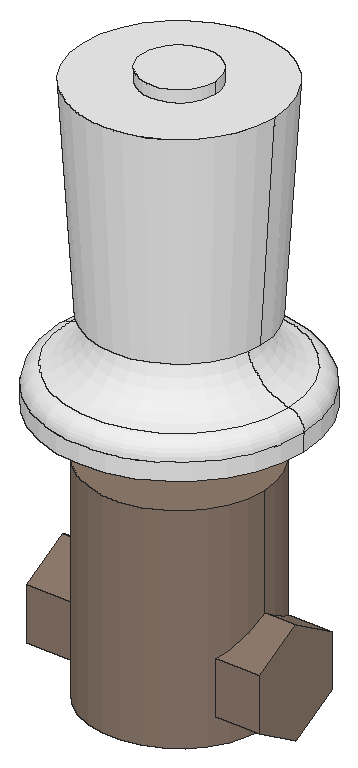
Revit family "Deca_Acabamento para Registro de Gaveta Prata_4900.C.50.PQ", category Plumbing Fixtures, host Face, Revit 2012
Parameters (values of type "4900.C50.PQ_Cromado CR10_3/4"")
  Vendido Separadamente = ""
  Variações de COR = "Cromado 1/2, 3/4 e 1 (4900.C50.PQ)"  # constant formula
  URL = "www.deca.com.br/produtos"
  Symbol [instance] = no
  Segmento = "Competitivo"  # constant formula
  Raio Ponto de Agua = 10 mm
  Produto = "Acabamento para registro de gaveta Prata"  # constant formula
  Pressão = "2 A 40 mca"  # constant formula
  Peso Liquido (Kg) = 0.2
  Norma = "ABNT NBR 10283: 2003"  # constant formula
  Model = Código  # "4900.C50.PQ"
  Material = "Deca_Latão Cromado e Plástico de Engenharia"  # constant formula
  Manufacturer = "Deca"  # constant formula
  Louça/Metais = "Metal"  # constant formula
  Linha = "Prata"  # constant formula
  Informações Complementares = ""
  Flow Pressure = 0.00 psi
  Diâmetro Ponto de Agua = Raio Ponto de Agua * 2  # 20 mm
  Description = "Acabamento para registro"  # constant formula
  Default Elevation = 0 mm
  Código = "4900.C50.PQ"  # constant formula
  Criado por = "Contino/quattroD"  # constant formula
  Consumo = "Varia com a pressão"  # constant formula
  CWFU = 0
  Base de Registro de Gaveta_Family = Deca_Acabamento para Registro de Gaveta Prata_4900.C50.PQ : 4509.202 - DN 20 (3/4")
  Base Registro de Gaveta [instance] = yes
  Atendimento ao Cliente = "0800-0117073"  # constant formula
  Assembly Code = "D2020"
  Aprovado por = "Contino/quattroD"  # constant formula
  Acompanha o Produto = ""
  Acabamento de Registro [instance] = yes
  Acabamento = Deca CR10 Cromado Metal
Types (4, lengths in mm): name | Raio Ponto de Agua | Diâmetro Ponto de Agua | Base de Registro de Gaveta_Family
  (no name) | 10 | 20 | Deca_Acabamento para Registro de Gaveta Prata_4900.C50.PQ : 4509.202 - DN 20 (3/4")
  4900.C50.PQ_Cromado CR10_1/2" | 7.5 | 15 | Deca_Acabamento para Registro de Gaveta Prata_4900.C50.PQ : 4509.102 - DN 15 (1/2")
  4900.C50.PQ_Cromado CR10_3/4" | 10 | 20 | Deca_Acabamento para Registro de Gaveta Prata_4900.C50.PQ : 4509.202 - DN 20 (3/4")
  4900.C50.PQ_Cromado CR10_1" | 12.5 | 25 | Deca_Acabamento para Registro de Gaveta Prata_4900.C50.PQ : 4509.302 - DN 25 (1")
Reference planes
  plane 1 "Center (Front/Back)": y = 0
  plane 2: z = 0
  plane 3 "Center (Left/Right)": x = 0
  plane 4 "Top 1": z = 18.106
  plane 5: x = 28.52
  plane 6: x = -28.52
  plane 7: y = 28.52
  plane 8: y = -28.52
  plane 9: z = 67.215
Forms (mm)
  Blend 1, solid, material "Deca CR10 Cromado Metal" <- "Acabamento", visible <- "Acabamento de Registro"
    base sketch origin (0, 0, 0) x (1, 0, 0) y (0, 1, 0)
      loop
        circle (0, 0) r 18.283
    top sketch origin (0, 0, 0) x (1, 0, 0) y (0, 1, 0)
      loop
        circle (0, 0) r 21.323
    from 18.106 to 64.708
  Extrusion 2, solid, material "Deca CR10 Cromado Metal" <- "Acabamento", visible <- "Acabamento de Registro"
    sketch origin (0, 0, 0) x (1, 0, 0) y (0, 1, 0)
      loop
        circle (0, 0) r 8.05
    from 64.708 to 67.215
  Revolve 3, solid, material "Deca CR10 Cromado Metal" <- "Acabamento", visible <- "Acabamento de Registro"
    sketch origin (100, 0, 0) x (1, 0, 0) y (0, 0, 1)
      loop
        line (-100, 18.106) -> (-114.761, 18.106)
        arc (-114.761, 18.106) -> (-117.952, 11.312) -> (-124.556, 7.743) r 12
        arc (-124.556, 7.743) -> (-126.918, 6.372) -> (-127.85, 3.805) r 4
        line (-127.85, 3.805) -> (-127.85, 0) -> (-100, 0) -> (-100, 18.106)
      axis (-100, 18.106) -> (-100, 0)
    angle from 0 to 360
Lines and regions (mm)
  Masking region 1, visible <- "Acabamento de Registro"
    outline origin (0, 0, 0) x (1, 0, 0) y (0, 1, 0)
      loop
        circle (0, 0) r 28.52
  Masking region 2, visible <- "Acabamento de Registro"
    outline origin (0, 0, 0) x (1, 0, 0) y (0, 0, 1)
      loop
        arc (-14.809, 18.106) -> (-18.058, 11.158) -> (-24.887, 7.664) r 11.828
        arc (-24.887, 7.664) -> (-27.074, 6.472) -> (-27.95, 4.141) r 3.571
        line (-27.95, 4.141) -> (-27.898, 0) -> (27.802, 0) -> (27.853, 4.141)
        arc (27.853, 4.141) -> (26.977, 6.472) -> (24.79, 7.664) r 3.571
        arc (24.79, 7.664) -> (17.962, 11.158) -> (14.712, 18.106) r 11.828
        line (14.712, 18.106) -> (18.243, 18.106)
        arc (18.243, 18.106) -> (18.645, 18.273) -> (18.811, 18.675) r 0.569
        line (18.811, 18.675) -> (21.293, 60.128)
        arc (21.293, 60.128) -> (20.948, 61.372) -> (19.912, 62.142) r 1.988
        line (19.912, 62.142) -> (8.002, 63.815) -> (4.631, 65.81) -> (4.631, 67.148)
        arc (4.631, 67.148) -> (0, 67.215) -> (-4.631, 67.151) r 164.213
        line (-4.631, 67.151) -> (-4.631, 65.817) -> (-8.098, 63.815) -> (-20.009, 62.142)
        arc (-20.009, 62.142) -> (-21.044, 61.372) -> (-21.389, 60.128) r 1.988
        line (-21.389, 60.128) -> (-18.908, 18.675)
        arc (-18.908, 18.675) -> (-18.741, 18.273) -> (-18.339, 18.106) r 0.569
        line (-18.339, 18.106) -> (-14.809, 18.106)
  Masking region 3, visible <- "Acabamento de Registro"
    outline origin (0, 0, 0) x (0, 1, 0) y (0, 0, 1)
      loop
        arc (-14.556, 18.106) -> (-17.748, 11.314) -> (-24.351, 7.746) r 12
        arc (-24.351, 7.746) -> (-26.713, 6.375) -> (-27.645, 3.808) r 4
        line (-27.645, 3.808) -> (-27.645, 0) -> (28.055, 0) -> (28.055, 3.808)
        arc (28.055, 3.808) -> (27.122, 6.375) -> (24.76, 7.746) r 4
        arc (24.76, 7.746) -> (18.157, 11.313) -> (14.965, 18.106) r 12
        line (14.965, 18.106) -> (18.278, 18.106)
        arc (18.278, 18.106) -> (18.63, 18.256) -> (18.789, 18.604) r 0.53
        line (18.789, 18.604) -> (21.28, 60.202)
        arc (21.28, 60.202) -> (20.792, 61.511) -> (19.568, 62.195) r 1.991
        line (19.568, 62.195) -> (8.041, 63.815) -> (4.624, 65.769) -> (4.624, 67.15)
        arc (4.624, 67.15) -> (0, 67.215) -> (-4.624, 67.149) r 164.213
        line (-4.624, 67.149) -> (-4.624, 65.769) -> (-8.041, 63.815) -> (-19.952, 62.142)
        arc (-19.952, 62.142) -> (-20.987, 61.372) -> (-21.332, 60.128) r 1.988
        line (-21.332, 60.128) -> (-18.846, 18.6)
        arc (-18.846, 18.6) -> (-18.644, 18.213) -> (-18.221, 18.106) r 0.534
        line (-18.221, 18.106) -> (-14.556, 18.106)
  symbolic lines, visible <- "Acabamento de Registro"
    curve 1: arc (3.195, 21.082, 0) -> (9.639, 16.695, 0) -> (16.661, 13.307, 0) r 52.655
    curve 2: arc (16.661, 13.307, 0) -> (18.468, 10.658, 0) -> (19.907, 7.793, 0) r 24.102
    curve 3: arc (19.907, 7.793, 0) -> (19.248, 0.06, 0) -> (19.907, -7.672, 0) r 45.644
    curve 4: arc (19.907, -7.672, 0) -> (18.361, -10.824, 0) -> (16.404, -13.739, 0) r 25.991
    curve 5: arc (16.404, -13.739, 0) -> (9.428, -16.787, 0) -> (3.148, -21.089, 0) r 40.405
    curve 6: arc (3.153, -21.084, 0) -> (0.003, -21.323, 0) -> (-3.148, -21.092, 0) r 21.253
    curve 7: arc (16.661, 13.307, 0) -> (9.14, 15.831, 0) -> (3.195, 21.082, 0) r 19.976
    curve 8: arc (19.907, 7.793, 0) -> (18.314, 0.06, 0) -> (19.907, -7.672, 0) r 19.558
    curve 9: arc (16.404, -13.739, 0) -> (8.988, -15.985, 0) -> (3.153, -21.084, 0) r 18.409
    curve 10: arc (19.172, -5.669, 0) -> (17.206, -10.09, 0) -> (14.383, -14.019, 0) r 23.665
    curve 11: arc (19.152, 5.725, 0) -> (17.304, 10.067, 0) -> (14.338, 13.737, 0) r 17.078
    curve 12: arc (-3.195, 21.082, 0) -> (-9.639, 16.695, 0) -> (-16.661, 13.307, 0) r 52.655
    curve 13: arc (-16.661, 13.307, 0) -> (-18.468, 10.658, 0) -> (-19.907, 7.793, 0) r 24.102
    curve 14: arc (-19.907, 7.793, 0) -> (-19.248, 0.06, 0) -> (-19.907, -7.672, 0) r 45.644
    curve 15: arc (-19.907, -7.672, 0) -> (-18.361, -10.824, 0) -> (-16.404, -13.739, 0) r 25.991
    curve 16: arc (-16.404, -13.739, 0) -> (-9.428, -16.787, 0) -> (-3.148, -21.089, 0) r 40.405
    curve 17: arc (-16.661, 13.307, 0) -> (-9.14, 15.831, 0) -> (-3.195, 21.082, 0) r 19.976
    curve 18: arc (-19.907, 7.793, 0) -> (-18.314, 0.06, 0) -> (-19.907, -7.672, 0) r 19.558
    curve 19: arc (-16.404, -13.739, 0) -> (-8.984, -15.988, 0) -> (-3.148, -21.092, 0) r 18.409
    curve 20: arc (-19.172, -5.669, 0) -> (-17.206, -10.09, 0) -> (-14.383, -14.019, 0) r 23.665
    curve 21: arc (-19.152, 5.725, 0) -> (-17.304, 10.067, 0) -> (-14.338, 13.737, 0) r 17.078
    curve 22: arc (-3.195, 21.082, 0) -> (0, 21.323, 0) -> (3.195, 21.082, 0) r 21.313
    curve 23: arc (4.648, 19.37, 0) -> (0, 19.947, 0) -> (-4.648, 19.37, 0) r 19.003
    curve 24: arc (-3.148, -21.089, 0) -> (0, -21.323, 0) -> (3.148, -21.089, 0) r 21.313
    curve 25: arc (4.588, -19.385, 0) -> (0, -19.947, 0) -> (-4.588, -19.385, 0) r 19.003
    curve 26: circle (0, 0, 0) r 8.05 normal (0, 0, 1)
    curve 27: circle (0, 0, 0) r 25 normal (0, 0, 1)
    curve 28: circle (0, 0, 0) r 6.049 normal (0, 0, 1)
    curve 29: arc (-19.638, 0, 62.102) -> (-17.196, 0, 62.342) -> (-14.744, 0, 62.263) r 18.872
    curve 30: arc (-13.383, 0, 60.085) -> (-14.273, 0, 44.684) -> (-16.074, 0, 29.363) r 260.316
    curve 31: arc (-16.074, 0, 29.363) -> (-16.829, 0, 28.608) -> (-17.585, 0, 29.363) r 0.756
    curve 32: arc (-17.585, 0, 29.363) -> (-19.633, 0, 44.712) -> (-21.06, 0, 60.132) r 383.634
    curve 33: arc (-21.06, 0, 60.132) -> (-20.708, 0, 61.375) -> (-19.638, 0, 62.102) r 1.893
    curve 34: arc (-7.739, 0, 60.085) -> (-7.368, 0, 61.523) -> (-6.031, 0, 62.172) r 1.769
    curve 35: arc (-6.031, 0, 62.172) -> (0.017, 0, 62.363) -> (6.065, 0, 62.172) r 96.06
    curve 36: arc (6.065, 0, 62.172) -> (7.326, 0, 61.507) -> (7.666, 0, 60.123) r 1.739
    curve 37: arc (7.666, 0, 60.123) -> (5.449, 0, 44.423) -> (1.711, 0, 29.014) r 162.395
    curve 38: arc (1.711, 0, 29.014) -> (-0.099, 0, 28.383) -> (-1.882, 0, 29.09) r 2.745
    curve 39: arc (-1.882, 0, 29.09) -> (-5.366, 0, 44.482) -> (-7.739, 0, 60.085) r 220.077
    curve 40: arc (13.415, 0, 61.106) -> (14.021, 0, 46.876) -> (15.462, 0, 32.705) r 242.497
    curve 41: arc (15.462, 0, 32.705) -> (15.789, 0, 30.693) -> (16.239, 0, 28.705) r 33.262
    curve 42: arc (16.239, 0, 28.705) -> (16.726, 0, 28.328) -> (17.213, 0, 28.705) r 0.503
    curve 43: arc (17.213, 0, 28.705) -> (18.743, 0, 36.056) -> (19.56, 0, 43.52) r 78.079
    curve 44: arc (19.56, 0, 43.52) -> (20.301, 0, 51.828) -> (21.014, 0, 60.137) r 2536.021
    curve 45: arc (21.014, 0, 60.137) -> (20.563, 0, 61.517) -> (19.259, 0, 62.156) r 1.865
    curve 46: arc (19.259, 0, 62.156) -> (16.849, 0, 62.235) -> (14.437, 0, 62.203) r 52.643
    curve 47: line (6.065, 0, 62.172) -> (14.437, 0, 62.203)
    curve 48: line (7.666, 0, 60.123) -> (13.43, 0, 60.123)
    curve 49: line (-14.744, 0, 62.263) -> (-6.415, 0, 62.123)
    curve 50: line (-7.739, 0, 60.085) -> (-13.383, 0, 60.085)
    curve 51: line (-8.098, 0, 63.811) -> (8.002, 0, 63.811)
    curve 52: line (-15.048, 0, 18.106) -> (14.952, 0, 18.106)
    curve 53: arc (13.415, 0, 61.106) -> (13.71, 0, 61.856) -> (14.437, 0, 62.203) r 1.1
    curve 54: arc (-13.383, 0, 60.085) -> (-13.735, 0, 61.379) -> (-14.744, 0, 62.263) r 2.32
    curve 55: line (-4.631, 0, 65.817) -> (4.671, 0, 65.817)
    curve 56: line (-24.887, 0, 7.664) -> (24.79, 0, 7.664)
    curve 57: line (-27.95, 0, 4.141) -> (27.853, 0, 4.141)
    curve 58: arc (0, -20.82, 60.203) -> (0, -20.457, 61.124) -> (0, -19.612, 61.642) r 1.56
    curve 59: arc (0, -19.612, 61.642) -> (0, -16.723, 61.97) -> (0, -13.834, 61.642) r 12.874
    curve 60: arc (0, -13.834, 61.642) -> (0, -13.457, 60.994) -> (0, -13.459, 60.245) r 1.431
    curve 61: arc (0, -13.459, 60.245) -> (0, -14.134, 46.605) -> (0, -15.364, 33.004) r 334.784
    curve 62: arc (0, -15.364, 33.004) -> (0, -15.733, 30.72) -> (0, -16.325, 28.484) r 23.419
    curve 63: arc (0, -16.325, 28.484) -> (0, -16.737, 28.183) -> (0, -17.148, 28.484) r 0.432
    curve 64: arc (0, -17.148, 28.484) -> (0, -18.012, 31.828) -> (0, -18.501, 35.247) r 31.187
    curve 65: arc (0, -18.501, 35.247) -> (0, -19.943, 47.698) -> (0, -20.82, 60.203) r 277.029
    curve 66: arc (0, -7.298, 60.009) -> (0, -6.96, 61.139) -> (0, -5.886, 61.628) r 1.426
    curve 67: arc (0, -5.702, 61.642) -> (0, 0.099, 61.852) -> (0, 5.899, 61.623) r 76.509
    curve 68: arc (0, 5.899, 61.623) -> (0, 6.986, 61.254) -> (0, 7.449, 60.202) r 1.426
    curve 69: arc (0, 13.556, 60.202) -> (0, 13.568, 61.029) -> (0, 14.067, 61.688) r 1.325
    curve 70: arc (0, 14.067, 61.688) -> (0, 16.983, 61.942) -> (0, 19.899, 61.688) r 16.83
    curve 71: arc (0, 19.899, 61.688) -> (0, 20.72, 61.159) -> (0, 20.915, 60.202) r 1.258
    curve 72: arc (0, 20.915, 60.202) -> (0, 19.984, 47.025) -> (0, 18.612, 33.887) r 394.442
    curve 73: arc (0, 18.612, 33.887) -> (0, 18.158, 31.423) -> (0, 17.403, 29.035) r 20.28
    curve 74: arc (0, 17.403, 29.035) -> (0, 16.781, 28.609) -> (0, 16.159, 29.035) r 0.666
    curve 75: arc (0, 16.159, 29.035) -> (0, 15.67, 30.735) -> (0, 15.487, 32.495) r 10.067
    curve 76: arc (0, 15.487, 32.495) -> (0, 14.319, 46.334) -> (0, 13.556, 60.202) r 474.736
    curve 77: line (0, -4.624, 65.769) -> (0, 4.624, 65.769)
    curve 78: line (0, -13.834, 61.642) -> (0, -5.702, 61.642)
    curve 79: line (0, -7.311, 60.047) -> (0, -13.465, 60.047)
    curve 80: line (0, 5.899, 61.623) -> (0, 13.981, 61.623)
    curve 81: line (0, 13.556, 60.202) -> (0, 7.449, 60.202)
    curve 82: arc (0, -7.311, 60.047) -> (0, -5.934, 49.539) -> (0, -4.204, 39.082) r 315.961
    curve 83: arc (0, -4.204, 39.082) -> (0, -2.952, 33.938) -> (0, -1.114, 28.974) r 45.658
    curve 84: arc (0, -1.114, 28.974) -> (0, 0.087, 28.189) -> (0, 1.287, 28.974) r 1.311
    curve 85: arc (0, 1.287, 28.974) -> (0, 3.396, 34.895) -> (0, 4.65, 41.053) r 44.549
    curve 86: arc (0, 4.65, 41.053) -> (0, 5.987, 50.639) -> (0, 7.481, 60.202) r 589.247
    curve 87: line (0, -14.991, 18.106) -> (0, 15.009, 18.106)
    curve 88: line (0, -8.041, 63.815) -> (0, 8.041, 63.815)
    curve 89: line (0, -25.016, 7.566) -> (0, 25.425, 7.566)
    curve 90: line (0, -27.645, 3.808) -> (0, 28.055, 3.808)
Dimensions and locks
  plane 6 to plane 5 = 57.041 mm  (x2)
  plane 8 to plane 7 = 57.041 mm  (x2)
  plane 9 to host face = 67.215 mm
  plane 9 to plane 4 "Top 1" to host face = 49.108 mm, 18.106 mm
  aligned and locked: host face to plane 2
  aligned and locked: level to host face
  aligned and locked: plane 4 "Top 1" to Blend 1
  aligned and locked: plane 9 to Extrusion 2
  aligned and locked: plane 1 "Center (Front/Back)" to nested 1
Nested families
  nested 1: "Deca_Acabamento para Registro de Gaveta Prata_4900.C50.PQ" at (-0.3, 0, -46.875), visible <- "Base Registro de Gaveta", type <- "Base de Registro de Gaveta_Family", Symbol <- "Symbol", type "4509.202 - DN 20 (3/4")"
    with built-in parameter 1114242 1, Symbol no
Connectors
  piping at (26, 0, -46.875), driven by "Raio Ponto de Agua", driven by "Flow Pressure"
    settings: on nested 1, index 5, connector radius 0.3937", flow factor 0, pipe flow 0 GPM, pressure drop 0.00 psi, fitting loss kfactor 0, connector angle 0.00°, fixture units 0, engagement length 0 mm, flow configuration 3, flow direction 1, fitting loss method 4, system type 29, joint type 0, gender type 0, connector reference index -1, connector utility 0, adjustable connector no, is connector primary yes, fitting loss table "", connector description ""
  piping at (-26, 0, -46.875), driven by "Raio Ponto de Agua", driven by "Flow Pressure"
    settings: on nested 1, index 6, connector radius 0.3937", flow factor 0, pipe flow 0 GPM, pressure drop 0.00 psi, fitting loss kfactor 0, connector angle 0.00°, fixture units 0, engagement length 0 mm, flow configuration 3, flow direction 0, fitting loss method 4, system type 29, joint type 0, gender type 0, connector reference index -1, connector utility 0, adjustable connector no, is connector primary no, fitting loss table "", connector description ""
Definition of nested family "Deca_Acabamento para Registro de Gaveta Prata_4900.C50.PQ"
  Parameters (values of type "4509.502 - DN 40 (1 1/2")")
    Vendido Separadamente = "Não Aplicável"  # constant formula
    Variações de COR = "1/2'' a 1''1/4"  # constant formula
    built-in parameter 1114242 [instance] = 1
    Topo = Deca BR13 Bronze Bruto Metal
    Segmento = "Básicos"  # constant formula
    Symbol [instance] = yes
    Raio Ponto de Agua = 19.1 mm
    Radius Side = DN / 2  # 20 mm
    Produto = "Base de registro de gaveta 1.1/2\""
    Peso Liquido (Kg) = 0.833
    Norma = "NBR 15705"  # constant formula
    Mín = 62 mm
    Max = 52 mm
    Material = "Bronze Fundido e Plásticos de Engenharia"  # constant formula
    Louça/Metais = "Metais"  # constant formula
    Linha = "-"  # constant formula
    K Coefficient = 0
    Informações Complementares = "Alta durabilidade e resistência; Passagem plena."  # constant formula
    Flow Pressure = 0.00 psi
    Fabricante = "Deca"  # constant formula
    Diâmetro Ponto de Agua = Raio Ponto de Agua * 2  # 38.2 mm
    Descrição = "Base de registro de gaveta"  # constant formula
    DN = 40 mm
    Código = "4509.502"
    Criador por = "Contino/quattroD"  # constant formula
    Corpo = Deca BR13 Bronze Bruto Metal
    URL = "www.deca.com.br"
    Model = Código  # "4509.502"
    Manufacturer = Fabricante  # "Deca"
    Description = Descrição  # "Base de registro de gaveta"
    B = 139 mm
    Atendimento ao Cliente = "0800-0117073"  # constant formula
    Assembly Code = ""
    Aprovado por = "Contino/quattroD"  # constant formula
    Acompanha o Produto = "Não Aplicável"  # constant formula
    A = 60 mm
  Types (5, lengths in mm): name | Raio Ponto de Agua | Radius Side | Produto | Peso Liquido (Kg) | Mín | Max | Diâmetro Ponto de Agua | DN | Código | Model | B | A
    4509.102 - DN 15 (1/2") | 6.4 | 7.5 | "Base de registro de gaveta 1/2\"" | 0.294 | 32 | 42 | 12.8 | 15 | "4509.102" | "4509.102" | 96 | 40
    4509.202 - DN 20 (3/4") | 9.5 | 10 | "Base de registro de gaveta 3/4\"" | 0.408 | 36 | 46 | 19 | 20 | "4509.202" | "4509.202" | 100 | 52
    4509.302 - DN 25 (1") | 12.3 | 12.5 | "Base de registro de gaveta 1\"" | 0.53 | 49 | 59 | 24.6 | 25 | "4509.302" | "4509.302" | 114 | 52
    4509.502 - DN 40 (1 1/2") | 19.1 | 20 | "Base de registro de gaveta 1.1/2\"" | 0.833 | 62 | 52 | 38.2 | 40 | "4509.502" | "4509.502" | 139 | 60
    4509.402 - DN 32 (1 1/4") | 15.9 | 16 | "Base de registro de gaveta 1.1/4\"" | 0.834 | 48 | 58 | 31.8 | 32 | "4509.402" | "4509.402" | 135 | 60
  Reference planes
    plane 1 "Center (Front/Back)": y = 0
    plane 2: z = 0
    plane 3 "Center (Left/Right)": x = 0.3
    plane 4 "Left 2": x = -29.7
    plane 5: through (11.528, 0, 0) normal (0, 0.5, -0.866)
    plane 6: through (11.528, 23.818, 36.845) normal (0, -0.5, 0.866)
    plane 7: through (11.528, 0, 0) normal (0, 0.5, 0.866)
    plane 8: through (11.528, 20.115, 11.48) normal (0, 0.5, 0.866)
    plane 9: through (11.528, 0, 0) normal (0, -0.5, -0.866)
    plane 10: through (11.528, 23.818, -36.845) normal (0, 0.5, 0.866)
    plane 11: through (11.528, 0, 0) normal (0, -0.5, 0.866)
    plane 12: through (11.528, 20.115, -11.48) normal (0, -0.5, 0.866)
    plane 13 "Right 2": x = 30.3
    plane 14 "Top 1": z = 62
    plane 15 "Right 1": x = 23.3
    plane 16 "Left 1": x = -22.7
    plane 17 "Top 2": z = 139
  Forms (mm)
    Extrusion 1, solid, material "Deca BR13 Bronze Bruto Metal" <- "Corpo"
      sketch origin (0, 134.427, 73.647) x (0, 1, 0) y (0, 0, 1)
        loop
          line (-114.427, -62.1) -> (-134.427, -50.553) -> (-154.427, -62.1) -> (-154.427, -85.194) -> (-134.427, -96.741) -> (-114.427, -85.194) -> (-114.427, -62.1)
      from -29.7 to 30.3
    Extrusion 2, solid, material "Deca BR13 Bronze Bruto Metal" <- "Corpo"
      sketch origin (0, 0, 0) x (1, 0, 0) y (0, 1, 0)
        loop
          circle (0.3, 0) r 23
      from -23.094 to 62
    Extrusion 3, solid, material "Deca BR13 Bronze Bruto Metal" <- "Topo"
      sketch origin (0, 0, 0) x (1, 0, 0) y (0, 1, 0)
        loop
          circle (0.3, 0) r 4
      from 62 to 139
  Dimensions and locks
    "Radius Side": plane 6 to plane 5
    "Radius Side": plane 8 to plane 7
    "Radius Side": plane 10 to plane 9
    "Radius Side": plane 12 to plane 11
    "A": plane 4 "Left 2" to plane 13 "Right 2"
    equal spacing: plane 13 "Right 2", plane 3 "Center (Left/Right)", plane 4 "Left 2"
    "Mín": plane 14 "Top 1" to level
    locked: plane 13 "Right 2" to plane 15 "Right 1" at 7
    equal spacing: plane 16 "Left 1", plane 3 "Center (Left/Right)", plane 15 "Right 1"
    plane 4 "Left 2" to plane 13 "Right 2" = 60 mm
    "B": plane 17 "Top 2" to level
    aligned and locked: plane 4 "Left 2" to Extrusion 1
    aligned and locked: plane 13 "Right 2" to Extrusion 1
    aligned and locked: Extrusion 1 to Extrusion 2
    aligned and locked: plane 15 "Right 1" to Extrusion 2 sketch curve
    aligned and locked: plane 14 "Top 1" to Extrusion 2
    aligned and locked: Extrusion 3 to plane 14 "Top 1"
    aligned and locked: plane 17 "Top 2" to Extrusion 3
  Automatic sketch dimensions
    Extrusion 1 sketch curve to plane 5 = 0 mm
    plane 10 to Extrusion 1 sketch curve = 0 mm  (x2)
    Extrusion 1 sketch curve to plane 1 "Center (Front/Back)" = 0 mm  (x2)
    plane 7 to Extrusion 1 sketch curve = 0 mm
    plane 12 to Extrusion 1 sketch curve = 0 mm
    plane 5 to Extrusion 1 sketch curve = 0 mm
    Extrusion 1 sketch curve to plane 6 = 0 mm  (x2)
    plane 1 "Center (Front/Back)" to Extrusion 2 sketch curve = 0 mm
    Extrusion 2 sketch curve to plane 3 "Center (Left/Right)" = 0 mm
    plane 1 "Center (Front/Back)" to Extrusion 3 sketch curve = 0 mm
    Extrusion 3 sketch curve to plane 3 "Center (Left/Right)" = 0 mm
    radius of Extrusion 3 sketch curve = 4 mm
  Nested families
    nested 1: "Symbol" at (0.3, 0, 0), visible <- "Symbol", type "Symbol"
  Connectors
    piping at (30.3, 0, 0), driven by "Raio Ponto de Agua", driven by "Flow Pressure"
      settings: on Extrusion 1, index 3, connector radius 0.75197", flow factor 0, pipe flow 0 GPM, pressure drop 0.00 psi, fitting loss kfactor 0, connector angle 0.00°, fixture units 0, engagement length 0 mm, flow configuration 0, flow direction 0, fitting loss method 4, system type 29, joint type 0, gender type 0, connector reference index -1, connector utility 0, adjustable connector no, is connector primary yes, fitting loss table "", connector description ""
    piping at (-29.7, 0, 0), driven by "Raio Ponto de Agua"
      settings: on Extrusion 1, index 4, connector radius 0.75197", flow factor 0, pipe flow 0 GPM, pressure drop 0.00 psi, fitting loss kfactor 0, connector angle 0.00°, fixture units 0, engagement length 0 mm, flow configuration 0, flow direction 0, fitting loss method 4, system type 29, joint type 0, gender type 0, connector reference index -1, connector utility 0, adjustable connector no, is connector primary no, fitting loss table "", connector description ""
  Definition of nested family "Symbol"
    Reference planes
      plane 1: y = 0
      plane 2: x = 0
    Lines and regions (mm)
      detail lines, style "Centerline"
        curve 1: line (0, 1.651, 0) -> (0, -3.349, 0)
        curve 2: line (0, -3.349, 0) -> (-2.5, -3.349, 0)
        curve 3: circle (0, 0, 0) r 1.651 normal (0, 0, 1)
      detail lines
        curve 4: line (2.5, 1.651, 0) -> (2.5, -1.651, 0)
        curve 5: line (-2.5, 1.651, 0) -> (-2.5, -1.651, 0)
